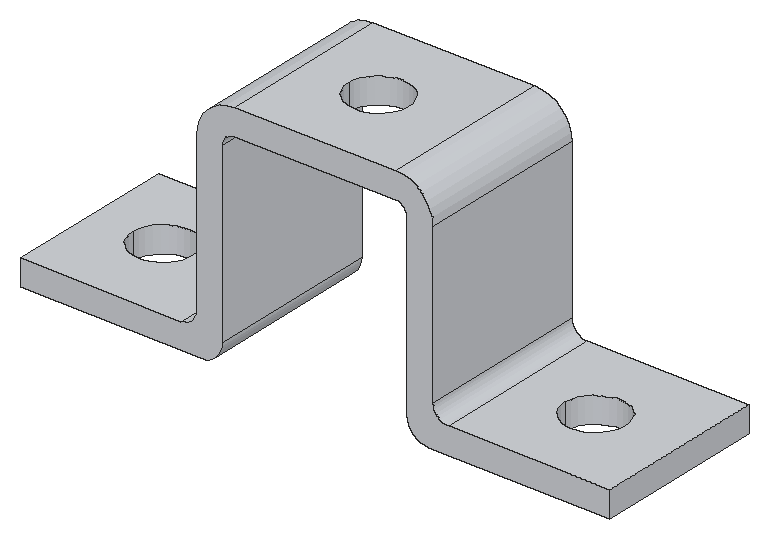
Revit family "MP29", category Generic Models, Revit 2017
Family settings
  Can host rebar = No
  Round Connector Dimension = Use Diameter
  Part Type = Normal
  Work Plane-Based = Yes
  Always vertical = No
  Cut with Voids When Loaded = No
  Shared = No
  Room Calculation Point = No
Parameters (values of type "NBS Standard Parameters")
  Weight = "0.3625Kg"
  WarrantyStartDate [instance] = "1900-12-31T23:59:59"
  WarrantyGuarantorParts = "n/a"
  WarrantyGuarantorLabor = "n/a"
  WarrantyDurationUnit = "1 year"
  WarrantyDurationParts = "n/a"
  WarrantyDurationLabor = "n/a"
  WarrantyDescription = "n/a"
  Version = "1"
  Uniclass2 = "Pr_65_70_11_19"
  TagNumber [instance] = "n/a"
  SustainabilityPerformance = "n/a"
  Size = "41mm."
  Shape = "U shape"
  SerialNumber [instance] = "n/a"
  Revision = "n/a"
  ReplacementCost = "n/a"
  ProductInformation = "www.metpro.co.uk/pdf/mp29.pdf"
  NominalWidth = 40 mm
  NominalLength = 138 mm
  NominalHeight = 47.5 mm
  Name = ""
  NBSTypeID = ""
  NBSReference = "90-55-10/305"
  NBSOfficeMasterTag = ""
  NBSNote = ""
  NBSDescription = "Channel Cable Supports"
  NBSCertification = ""
  ModelReference = "MP29"
  ModelNumber = "n/a"
  Material = "Steel"
  ManufacturerURL = "www.metpro.co.uk"
  ManufacturerName = "Metpro Ltd"
  Keynote = "Compliant to LU Standard 1-085"
  InstallationDate [instance] = "1900-12-31T23:59:59"
  IfcExportType = ""
  IfcExportAs = ""
  Grade = "n/a"
  Finish = "Hot Dipped Galvanised"
  Features = "n/a"
  ExpectedLife = "n/a"
  DurationUnit = "year"
  Description = "MP29  41mm U Bracket"
  Default Elevation = 1219.2 mm
  Constituents = "n/a"
  Color = "n/a"
  CodePerformance = "n/a"
  Category = "n/a"
  BarCode [instance] = "n/a"
  BIMObjectName = "metpro_metprolibrary_channelcablesupports_channelbrackets"
  Author = "Metpro Ltd"
  AssetType = ""
  AssetIdentifier [instance] = "n/a"
  AccessibilityPerformance = "n/a"
Reference planes
  plane 1 "Center (Front/Back)": y = 0
  plane 2: z = 0
  plane 3 "Center (Left/Right)": x = 0
Forms (mm)
  Extrusion 1, solid
    sketch origin (-18.695, 0, -25.952) x (1, 0, 0) y (0, 0, -1)
      loop
        arc (-17.309, -47.452) -> (-19.212, -46.664) -> (-20, -44.761) r 2.691
        line (-20, -44.761) -> (-20, -3.952)
        arc (-20, -3.952) -> (-21.464, -0.417) -> (-25, 1.048) r 5
        line (-25, 1.048) -> (-66.75, 1.048) -> (-66.75, -4.952) -> (-29.6, -4.952)
        arc (-29.6, -4.952) -> (-27.054, -6.006) -> (-26, -8.552) r 3.6
        line (-26, -8.552) -> (-26, -44.761)
        arc (-26, -44.761) -> (-23.454, -50.906) -> (-17.309, -53.452) r 8.691
        line (-17.309, -53.452) -> (20, -53.452)
        arc (20, -53.452) -> (26.01, -50.962) -> (28.5, -44.952) r 8.5
        line (28.5, -44.952) -> (28.5, -8.51)
        arc (28.5, -8.51) -> (29.542, -5.994) -> (32.058, -4.952) r 3.558
        line (32.058, -4.952) -> (69.25, -4.952) -> (69.25, 1.048) -> (27.5, 1.048)
        arc (27.5, 1.048) -> (23.964, -0.417) -> (22.5, -3.952) r 5
        line (22.5, -3.952) -> (22.5, -44.952)
        arc (22.5, -44.952) -> (21.768, -46.72) -> (20, -47.452) r 2.5
        line (20, -47.452) -> (-17.309, -47.452)
    from 0 to 40
  Extrusion 2, void
    sketch origin (-17.898, 0, 0) x (0, 1, 0) y (1, 0, 0)
      loop
        circle (20.256, -50.835) r 7
      loop
        circle (20, 49.203) r 7
    from 21 to 27
  Extrusion 3, void
    sketch origin (0, 0, 0) x (1, 0, 0) y (0, 1, 0)
      loop
        circle (-18.695, 20) r 7
    from 21.5 to 27.5
Cuts and joins
  Extrusion 2, Extrusion 3 cuts Extrusion 1
Dimensions and locks
  aligned and locked: level to plane 2
